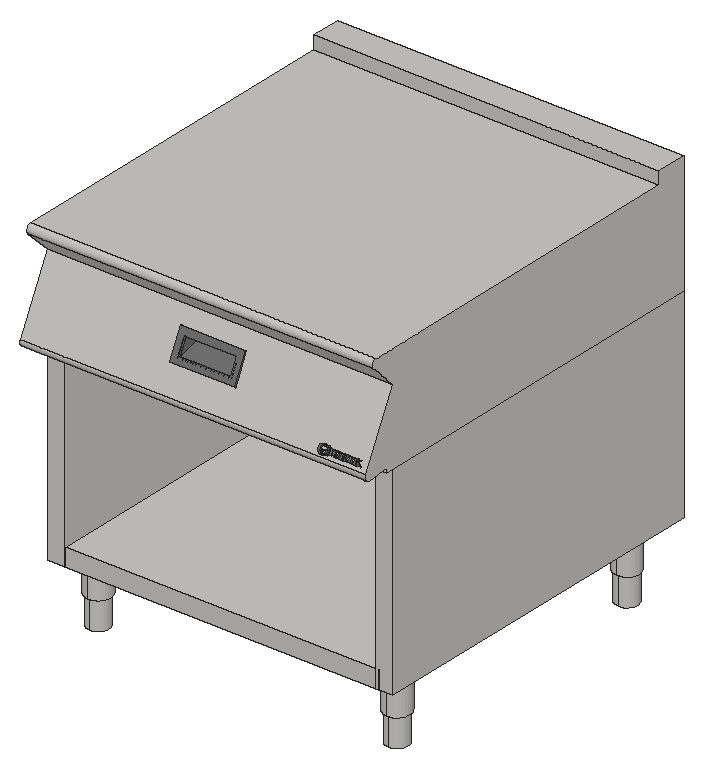
Revit family "QF_GIORIK_EN94CG", category Specialty Equipment, Revit 2014
Parameters (values of type "EN94CG")
  Weight in Pounds = 198.4158
  URL Cutsheet = "www.giorik.com"
  URL = "www.giorik.com"
  Status [instance] = ""
  Specification by User [instance] = ""
  Specification by Manufacturer = ""
  Show Logo [instance] = yes
  Show Clearance [instance] = yes
  Serial Number = ""
  Seismic Rating = ""
  SMACNA No = ""
  Revision Code [instance] = ""
  NAFEM Spec ID Number = ""
  Model = "EN94CG"
  Masterspec = ""
  Manufacturer = "GIORIK"
  Item Number [instance] = ""
  Installed By [instance] = ""
  Identify Quantity as Lot [instance] = no
  Furnished By [instance] = ""
  Foodservice Equipment Identifier [instance] = yes
  Description = "NEUTRAL UNIT WITH DRAWER ON OPEN BASE UNIT"
  CSI MasterFormat = ""
  Assembly Code = "E1090320"
Reference planes
  plane 1 "Back": y = 0
  plane 2: z = 0
  plane 3 "Left": x = 0
  plane 4 "Right": x = 800
  plane 5 "Front": y = -920
  plane 6 "Top": z = 900
Forms (mm)
  Extrusion 1, solid, visible <- "Show Logo"
    sketch origin (591.604, -936.761, 609.486) x (-1, 0, 0) y (0, 0.452718, 0.891654)
      loop
        line (-118.824, 58.358) -> (-127.804, 58.358) -> (-125.523, 56.445) -> (-125.523, 48.027) -> (-127.804, 46.113) -> (-118.824, 46.113) -> (-121.105, 48.027) -> (-121.105, 56.445) -> (-118.824, 58.358)
      loop
        line (-163.721, 58.358) -> (-172.7, 58.358) -> (-170.42, 56.445) -> (-170.42, 48.027) -> (-172.7, 46.113) -> (-163.721, 46.113) -> (-166.001, 48.027) -> (-166.001, 56.445) -> (-163.721, 58.358)
      loop
        line (-174.332, 58.358) -> (-183.312, 58.358) -> (-181.031, 56.445) -> (-181.031, 52.435) -> (-186.419, 56.955) -> (-184.416, 58.358) -> (-191.268, 58.358) -> (-188.01, 56.839) -> (-185.455, 54.283) -> (-190.846, 47.858) -> (-193.396, 46.93) -> (-193.396, 46.113) -> (-184.416, 46.113) -> (-185.437, 47.571) -> (-182.443, 51.552) -> (-181.031, 50.894) -> (-181.031, 48.027) -> (-183.312, 46.113) -> (-174.332, 46.113) -> (-176.613, 48.027) -> (-176.613, 56.445) -> (-174.332, 58.358)
      loop
        line (-115.429, 62.063) -> (-115.429, 54.198)
        arc (-115.429, 54.198) -> (-111.618, 57.803) -> (-106.847, 59.986) r 16.039
        arc (-106.847, 59.986) -> (-103.314, 59.837) -> (-100.512, 57.68) r 5.851
        arc (-100.512, 57.68) -> (-98.815, 52.267) -> (-100.512, 46.853) r 9.479
        arc (-100.512, 46.853) -> (-102.406, 44.986) -> (-104.846, 43.93) r 7.236
        arc (-104.846, 43.93) -> (-107.728, 44.111) -> (-110.052, 45.825) r 5.11
        line (-110.052, 45.825) -> (-110.052, 52.001) -> (-116.141, 52.001) -> (-116.141, 45.503) -> (-117.893, 43.751) -> (-114.094, 44.769)
        arc (-114.094, 44.769) -> (-112.56, 44.947) -> (-111.129, 44.366) r 3.115
        arc (-111.129, 44.366) -> (-104.216, 42.091) -> (-97.303, 44.366) r 11.641
        arc (-97.303, 44.366) -> (-93.396, 52.107) -> (-97.303, 59.849) r 9.622
        arc (-97.303, 59.849) -> (-104.369, 62.174) -> (-111.435, 59.849) r 11.898
        line (-111.435, 59.849) -> (-115.429, 62.063)
      loop
        arc (-129.234, 56.068) -> (-135.893, 58.628) -> (-142.552, 56.068) r 9.941
        arc (-142.552, 56.068) -> (-144.234, 52.286) -> (-142.552, 48.505) r 5.093
        arc (-142.552, 48.505) -> (-135.893, 45.945) -> (-129.234, 48.505) r 9.941
        arc (-129.234, 48.505) -> (-127.552, 52.286) -> (-129.234, 56.068) r 5.093
      loop
        arc (-132.628, 54.403) -> (-135.893, 57.668) -> (-139.158, 54.403) r 3.265
        line (-139.158, 54.403) -> (-139.158, 50.169)
        arc (-139.158, 50.169) -> (-135.893, 46.904) -> (-132.628, 50.169) r 3.265
        line (-132.628, 50.169) -> (-132.628, 54.403)
      loop
        arc (-156.363, 58.365) -> (-159.647, 55.081) -> (-156.363, 51.796) r 3.285
        line (-156.363, 51.796) -> (-159.529, 47.306) -> (-162.087, 46.113) -> (-155.847, 46.113) -> (-153.529, 51.083) -> (-150.637, 51.083) -> (-150.637, 47.784) -> (-153.022, 46.113) -> (-144.011, 46.113) -> (-146.094, 47.68) -> (-146.094, 56.493) -> (-144.229, 58.365) -> (-156.363, 58.365)
      loop
        line (-150.637, 57.512) -> (-153.637, 57.512)
        arc (-153.637, 57.512) -> (-156.237, 54.912) -> (-153.637, 52.312) r 2.6
        line (-153.637, 52.312) -> (-150.637, 52.312) -> (-150.637, 57.512)
      loop
        line (-108.924, 52.001) -> (-104.936, 49.005) -> (-100.948, 52.001) -> (-108.924, 52.001)
    from 1.5 to -0.5
  Extrusion 2, solid
    sketch origin (0, 800, -20) x (0, 1, 0) y (0, 0, 1)
      loop
        line (-800, 919.988) -> (-870, 919.988) -> (-870, 889.988) -> (-1688.806, 889.988)
        arc (-1688.806, 889.988) -> (-1699.151, 883.075) -> (-1696.724, 870.873) r 11.197
        line (-1696.724, 870.873) -> (-1640.876, 815.025) -> (-1718.948, 661.258)
        arc (-1718.948, 661.258) -> (-1718.233, 650.105) -> (-1708.118, 645.354) r 10.981
        line (-1708.118, 645.354) -> (-1660, 649.925) -> (-1660, 640) -> (-800, 640) -> (-800, 919.988)
    from 0 to 800
  Extrusion 3, solid
    sketch origin (0, -200, 599.536) x (1, 0, 0) y (0, 1, 0)
      loop
        line (0, -640) -> (40, -640) -> (40, 160) -> (760, 160) -> (760, -640) -> (800, -640) -> (800, 200) -> (0, 200) -> (0, -640)
    from -449.536 to 20.464
  Extrusion 4, solid
    sketch origin (0, -200, 0) x (1, 0, 0) y (0, 1, 0)
      loop
        line (40, 160) -> (40, -640) -> (766.972, -640) -> (766.972, 160) -> (40, 160)
    from 150 to 190
  Extrusion 5, solid
    sketch origin (-16, 360.81, 0) x (1, 0, 0) y (0, 1, 0)
      loop
        line (25, -1086.81) -> (25, -1156.81) -> (115, -1156.81) -> (115, -1086.81) -> (25, -1086.81)
    from 148 to 150
  Revolve 6, solid
    sketch origin (54, 360.81, 0) x (0, 1, 0) y (0, 0, 1)
      loop
        line (-1092.56, 66) -> (-1092.56, 148) -> (-1121.81, 148) -> (-1121.81, 0) -> (-1096.81, 0) -> (-1096.81, 66) -> (-1092.56, 66)
      axis (-1121.81, 0) -> (-1121.81, 148)
    angle from 0 to 360
  Revolve 7, solid
    sketch origin (54, 1025.81, 0) x (0, 1, 0) y (0, 0, 1)
      loop
        line (-1092.56, 66) -> (-1092.56, 148) -> (-1121.81, 148) -> (-1121.81, 0) -> (-1096.81, 0) -> (-1096.81, 66) -> (-1092.56, 66)
      axis (-1121.81, 0) -> (-1121.81, 148)
    angle from 0 to 360
  Extrusion 8, solid
    sketch origin (816, 360.81, 0) x (-1, 0, 0) y (0, -1, 0)
      loop
        line (25, 1086.81) -> (115, 1086.81) -> (115, 1156.81) -> (25, 1156.81) -> (25, 1086.81)
    from 148 to 150
  Revolve 9, solid
    sketch origin (746, 360.81, 0) x (0, 1, 0) y (0, 0, -1)
      loop
        line (-1092.56, -66) -> (-1096.81, -66) -> (-1096.81, 0) -> (-1121.81, 0) -> (-1121.81, -148) -> (-1092.56, -148) -> (-1092.56, -66)
      axis (-1121.81, 0) -> (-1121.81, -148)
    angle from 0 to 360
  Extrusion 10, solid
    sketch origin (816, -1217.81, 0) x (-1, 0, 0) y (0, -1, 0)
      loop
        line (25, -1086.81) -> (25, -1156.81) -> (115, -1156.81) -> (115, -1086.81) -> (25, -1086.81)
    from 148 to 150
  Revolve 11, solid
    sketch origin (746, -1217.81, 0) x (0, -1, 0) y (0, 0, 1)
      loop
        line (-1092.56, 66) -> (-1092.56, 148) -> (-1121.81, 148) -> (-1121.81, 0) -> (-1096.81, 0) -> (-1096.81, 66) -> (-1092.56, 66)
      axis (-1121.81, 0) -> (-1121.81, 148)
    angle from 0 to 360
  Extrusion 12, solid, visible <- "Show Clearance", detail levels coarse
    sketch origin (0, -155, 232) x (0, 1, 0) y (0, 0, 1)
      loop
        line (-685, 393.257) -> (-685, 563) -> (-1220, 563) -> (-1220, 393.257) -> (-685, 393.257)
    from 0 to 800
  Extrusion 13, solid
    sketch origin (400, -520.043, -86.16) x (0, 0.891654, -0.452718) y (0, 0.452718, 0.891654)
      loop
        line (-642, 585) -> (-685, 545) -> (-681.85, 545) -> (-642, 582.07) -> (-642, 585)
    from -60 to 60
  Extrusion 14, solid
    sketch origin (0, -1130.826, 223.952) x (1, 0, 0) y (0, 0.452718, 0.891654)
      loop
        line (340, 585) -> (340, 545) -> (460, 545) -> (460, 585) -> (340, 585)
      loop
        line (325, 600) -> (325, 530) -> (475, 530) -> (475, 600) -> (325, 600)
    from 0 to 2
  Extrusion 15, solid
    sketch origin (0, -520.043, -86.16) x (1, 0, 0) y (0, 0.452718, 0.891654)
      loop
        line (338, 587) -> (338, 543) -> (462, 543) -> (462, 587) -> (338, 587)
      loop
        line (340, 585) -> (340, 545) -> (460, 545) -> (460, 585) -> (340, 585)
    from 642 to 685
  Extrusion 16, void
    sketch origin (0, -200, 0) x (0, 1, 0) y (0, 0, 1)
      loop
        line (-665.08, 747.353) -> (-685, 708.12) -> (-644.876, 687.748) -> (-624.956, 726.98) -> (-665.08, 747.353)
    from 338 to 462
  Extrusion 17, solid
    sketch origin (-16, -1217.81, 0) x (1, 0, 0) y (0, 1, 0)
      loop
        line (25, 1086.81) -> (115, 1086.81) -> (115, 1156.81) -> (25, 1156.81) -> (25, 1086.81)
    from 148 to 150
Cuts and joins
  Extrusion 16 cuts Extrusion 2
Lines and regions (mm)
  symbolic lines, style "200-EquipBorder-2D"
    curve 1: line (0, -920, 0) -> (800, -920, 0)
    curve 2: line (800, -920, 0) -> (800, 0, 0)
    curve 3: line (800, 0, 0) -> (0, 0, 0)
    curve 4: line (0, 0, 0) -> (0, -920, 0)
  symbolic lines, style "QF_Door-Drawer Clearances", visible <- "Show Clearance", detail levels coarse
    curve 5: line (0, -920, 0) -> (0, -1375, 0)
    curve 6: line (0, -1375, 900) -> (800, -1375, 900)
    curve 7: line (800, -1375, 900) -> (800, -920, 900)
  symbolic lines, style "200-EquipInternal-2D"
    curve 8: line (0, -70, 900) -> (800, -70, 900)
Dimensions and locks
  plane 3 "Left" to plane 4 "Right" = 800 mm
  plane 5 "Front" to plane 1 "Back" = 920 mm
  plane 4 "Right" to plane 3 "Left" = 800 mm
  plane 1 "Back" to plane 5 "Front" = 920 mm
  plane 6 "Top" to level = 900 mm  (x2)
  aligned and locked: level to plane 2
